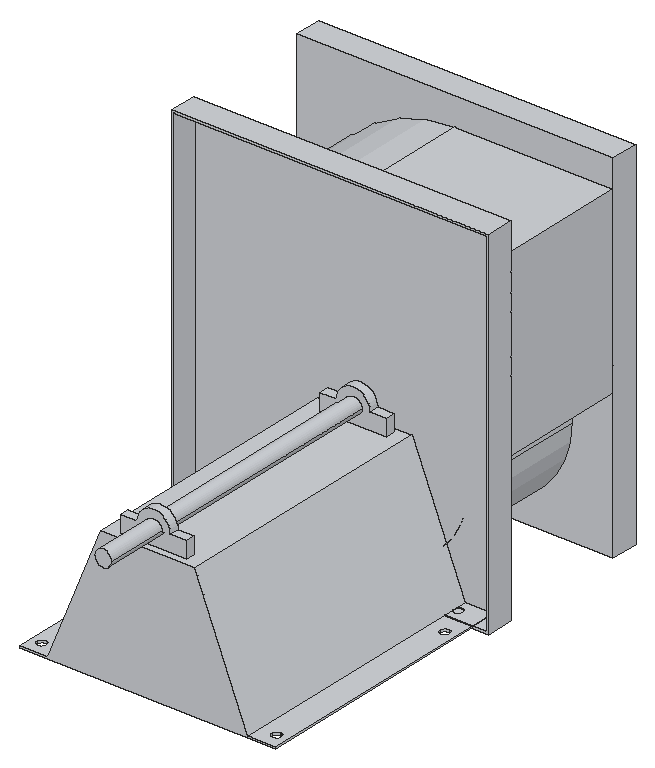
Revit family "CA-4_SWSI_ARR_1_CW_THD", category Mechanical Equipment, Revit 2019
Family settings
  Round Connector Dimension = Use Radius
  Part Type = Normal
  Work Plane-Based = No
  Always vertical = Yes
  Cut with Voids When Loaded = No
  Shared = No
  Room Calculation Point = No
Parameters (values of type "120_CA-4_SWSI_ARR_1_CW_THD_CLASS_1")
  S = 7 1/2"
  R = 11 7/16"
  P = 5 23/32"
  O/2 = O / 2  # 11/32"
  O = 11/16"
  ModelID [instance] = ""
  Accessories [instance] = ""
  ARR_1_U-D = ARR_1_U - D  # 21 5/8"
  ARR_1_K-D = ARR_1_K - D  # 17 5/8"
  ARR_1_J/2 = ARR_1_J / 2  # 19/32"
  ARR_1_J = 1 3/16"
  MOTOR_RAD = ARR_1_J * 3  # 3 9/16"
  M = 18 7/8"
  L = 3"
  K = 15 7/8"
  J = 2"
  INLET_RAD/2 = INLET_RAD / 2  # 4 1/16"
  INLET_RAD+1.5" = INLET_RAD + 1 1/2"  # 9 5/8"
  INLET_RAD = INLET_DIA / 2  # 8 1/8"
  INLET_DIA = 16 1/4"
  H = 10 3/8"
  G/5 = G / 5  # 4.55"
  G = 22 3/4"
  F = 25 3/4"
  Unit Weight [instance] = ""
  Sones [instance] = ""
  Motor RPM [instance] = ""
  Motor Enclosure [instance] = ""
  LwA [instance] = ""
  Fan RPM [instance] = ""
  E-(INLET_RAD+1.5") = E - (INLET_RAD + 1 1/2")  # 1 1/8"
  E+(INLET_RAD+1.5") = E + (INLET_RAD + 1 1/2")  # 20 3/8"
  E = 10 3/4"
  D-((D-B)/2) = D - ((D - B) / 2)  # 11 3/16"
  D = 13 3/16"
  B = 9 3/16"
  ARR_2_L-ARR_2_K = ARR_2_L - ARR_2_K  # 17 5/8"
  ARR_2_L = 21 5/8"
  ARR_2_K = 4"
  ARR_1_V = 4"
  ARR_1_U = 34 13/16"
  ARR_1_N = 15 1/8"
  ARR_1_M = 1"
  ARR_1_K = 30 13/16"
  ARR_1_H = 8 7/16"
  ARR_1_G = 9 3/16"
  A = 13 1/8"
  3" = 3"  # constant formula
  Brake Hp [instance] = ""
  4" = 4"  # constant formula
  2ARR_1_J+1" = ARR_1_J + ARR_1_J + 1"  # 3 3/8"
  2ARR_1_J = ARR_1_J + ARR_1_J  # 2 3/8"
  2' = 24"
  2" = 2"  # constant formula
  1" = 1"  # constant formula
  0 = 0"  # constant formula
  Voltage [instance] = 0 V
  URL = "www.lorencook.com"
  Type Comments = "Airfoil Centrifugal Blower Arrangement 1 Clockwise Top Horizontal Discharge"  # constant formula
  Static Pressure [instance] = 0.00 in-wg
  Power [instance] = Voltage * Motor FLA * sqrt(if(Phase = 3, 3, 1))  # 0 VA
  Phase [instance] = 0
  Number of Poles [instance] = 1
  Motor Hp [instance] = "0"
  Motor FLA [instance] = 0 A
  Model = "CA-4 SWSI ARR 1 CW THD CLASS 1"
  Manufacturer = "Loren Cook Company"
  CFM [instance] = 0 CFM
  1.5 = 1 1/2"  # constant formula
  ONE EIGTH = 1/8"  # constant formula
  -ARR_1_J = -ARR_1_J  # -1 3/16"
  -(ARR_2_L - ARR_2_K) = -(ARR_2_L - ARR_2_K)  # -17 5/8"
  -(((K-B)/2)-.125") = -(((K - B) / 2) - 1/8")  # -3 7/32"
  -(((D - B) / 2) - 1/8") = -(((D - B) / 2) - 1/8")  # -1 7/8"
  (R-B)/2 = (R - B) / 2  # 1 1/8"
  ((K-B)/2)+B = ((K - B) / 2) + B  # 12 17/32"
  (D-B)/2 = (D - B) / 2  # 2"
  -(((K-B)/2)+L) = -(((K - B) / 2) + L)  # -6 11/32"
  ((D-B)/2)-.125" = ((D - B) / 2) - 1/8"  # 1 7/8"
Types (55): name | S | R | P | O/2 | O | ARR_1_U-D | ARR_1_K-D | ARR_1_J/2 | ARR_1_J | MOTOR_RAD | M | L | K | J | INLET_RAD/2 | INLET_RAD+1.5" | INLET_RAD | INLET_DIA | H | G/5 | G | F | E-(INLET_RAD+1.5") | E+(INLET_RAD+1.5") | E | D-((D-B)/2) | D | B | ARR_2_L-ARR_2_K | ARR_2_L | ARR_2_K | ARR_1_V | ARR_1_U | ARR_1_N | ARR_1_M | ARR_1_K | ARR_1_H | ARR_1_G | A | 2ARR_1_J+1" | 2ARR_1_J | Model | -ARR_1_J | -(ARR_2_L - ARR_2_K) | -(((K-B)/2)-.125") | -(((D - B) / 2) - 1/8") | (R-B)/2 | ((K-B)/2)+B | (D-B)/2 | -(((K-B)/2)+L) | ((D-B)/2)-.125"
  (no name) | 7 1/2" | 11 7/16" | 5 23/32" | 11/32" | 11/16" | 21 5/8" | 17 5/8" | 19/32" | 1 3/16" | 3 9/16" | 18 7/8" | 3" | 15 7/8" | 2" | 4 1/16" | 9 5/8" | 8 1/8" | 16 1/4" | 10 3/8" | 4.55" | 22 3/4" | 25 3/4" | 1 1/8" | 20 3/8" | 10 3/4" | 11 3/16" | 13 3/16" | 9 3/16" | 17 5/8" | 21 5/8" | 4" | 4" | 34 13/16" | 15 1/8" | 1" | 30 13/16" | 8 7/16" | 9 3/16" | 13 1/8" | 3 3/8" | 2 3/8" | "CA-4 SWSI ARR 1 CW THD CLASS 1" | -1 3/16" | -17 5/8" | -3 7/32" | -1 7/8" | 1 1/8" | 12 17/32" | 2" | -6 11/32" | 1 7/8"
  120_CA-4_SWSI_ARR_1_CW_THD_CLASS_1 | 7 1/2" | 11 7/16" | 5 23/32" | 11/32" | 11/16" | 21 5/8" | 17 5/8" | 19/32" | 1 3/16" | 3 9/16" | 18 7/8" | 3" | 15 7/8" | 2" | 4 1/16" | 9 5/8" | 8 1/8" | 16 1/4" | 10 3/8" | 4.55" | 22 3/4" | 25 3/4" | 1 1/8" | 20 3/8" | 10 3/4" | 11 3/16" | 13 3/16" | 9 3/16" | 17 5/8" | 21 5/8" | 4" | 4" | 34 13/16" | 15 1/8" | 1" | 30 13/16" | 8 7/16" | 9 3/16" | 13 1/8" | 3 3/8" | 2 3/8" | "CA-4 SWSI ARR 1 CW THD CLASS 1" | -1 3/16" | -17 5/8" | -3 7/32" | -1 7/8" | 1 1/8" | 12 17/32" | 2" | -6 11/32" | 1 7/8"
  135_CA-4_SWSI_ARR_1_CW_THD_CLASS_1 | 8 1/2" | 12 9/16" | 6 9/32" | 11/32" | 11/16" | 21 5/8" | 17 5/8" | 19/32" | 1 3/16" | 3 9/16" | 20" | 3" | 17" | 2" | 4 7/16" | 10 3/8" | 8 7/8" | 17 3/4" | 11 5/8" | 5.1" | 25 1/2" | 28 3/4" | 1 5/8" | 22 3/8" | 12" | 12 5/16" | 14 5/16" | 10 5/16" | 17 5/8" | 21 5/8" | 4" | 4" | 35 15/16" | 15 1/8" | 1" | 31 15/16" | 9 3/16" | 9 15/16" | 14 3/4" | 3 3/8" | 2 3/8" | "CA-4 SWSI ARR 1 CW THD CLASS 1" | -1 3/16" | -17 5/8" | -3 7/32" | -1 7/8" | 1 1/8" | 13 21/32" | 2" | -6 11/32" | 1 7/8"
  150_CA-4_SWSI_ARR_1_CW_THD_CLASS_1 | 9" | 13 11/16" | 6 27/32" | 11/32" | 11/16" | 21 5/8" | 17 5/8" | 19/32" | 1 3/16" | 3 9/16" | 21 1/8" | 3" | 18 1/8" | 2" | 4 13/16" | 11 1/8" | 9 5/8" | 19 1/4" | 12 7/8" | 5 5/8" | 28 1/8" | 31 5/8" | 2 1/8" | 24 3/8" | 13 1/4" | 13 7/16" | 15 7/16" | 11 7/16" | 17 5/8" | 21 5/8" | 4" | 4" | 37 1/16" | 15 1/8" | 1" | 33 1/16" | 9 15/16" | 10 11/16" | 16 7/16" | 3 3/8" | 2 3/8" | "CA-4 SWSI ARR 1 CW THD CLASS 1" | -1 3/16" | -17 5/8" | -3 7/32" | -1 7/8" | 1 1/8" | 14 25/32" | 2" | -6 11/32" | 1 7/8"
  165_CA-4_SWSI_ARR_1_CW_THD_CLASS_1 | 10" | 14 7/8" | 7 7/16" | 11/32" | 11/16" | 21 5/8" | 17 5/8" | 19/32" | 1 3/16" | 3 9/16" | 23 15/16" | 4" | 19 5/16" | 2" | 5 5/16" | 12 1/8" | 10 5/8" | 21 1/4" | 14 1/4" | 6.175" | 30 7/8" | 34 3/8" | 2 1/4" | 26 1/2" | 14 3/8" | 14 5/8" | 16 5/8" | 12 5/8" | 17 5/8" | 21 5/8" | 4" | 4" | 38 1/4" | 15 1/8" | 1" | 34 1/4" | 10 15/16" | 11 11/16" | 18 1/16" | 3 3/8" | 2 3/8" | "CA-4 SWSI ARR 1 CW THD CLASS 1" | -1 3/16" | -17 5/8" | -3 7/32" | -1 7/8" | 1 1/8" | 15 31/32" | 2" | -7 11/32" | 1 7/8"
  180_CA-4_SWSI_ARR_1_CW_THD_CLASS_1 | 11" | 16" | 8" | 11/32" | 11/16" | 24 3/8" | 20 1/8" | 19/32" | 1 3/16" | 3 9/16" | 24 15/16" | 4 1/2" | 20 7/16" | 2" | 5 11/16" | 12 7/8" | 11 3/8" | 22 3/4" | 15 1/2" | 6.725" | 33 5/8" | 37 1/8" | 2 3/4" | 28 1/2" | 15 5/8" | 15 3/4" | 17 3/4" | 13 3/4" | 20 1/8" | 24 3/8" | 4 1/4" | 4 1/4" | 42 1/8" | 17 5/8" | 1" | 37 7/8" | 11 11/16" | 12 7/16" | 19 11/16" | 3 3/8" | 2 3/8" | "CA-4 SWSI ARR 1 CW THD CLASS 1" | -1 3/16" | -20 1/8" | -3 7/32" | -1 7/8" | 1 1/8" | 17 3/32" | 2" | -7 27/32" | 1 7/8"
  195_CA-4_SWSI_ARR_1_CW_THD_CLASS_1 | 11 1/2" | 17 3/16" | 8 19/32" | 11/32" | 11/16" | 24 3/8" | 20 1/8" | 19/32" | 1 3/16" | 3 9/16" | 27 3/16" | 4 1/2" | 22 11/16" | 2" | 6 1/16" | 13 5/8" | 12 1/8" | 24 1/4" | 16 3/4" | 7 1/4" | 36 1/4" | 40" | 3 1/8" | 30 3/8" | 16 3/4" | 16 15/16" | 18 15/16" | 14 15/16" | 20 1/8" | 24 3/8" | 4 1/4" | 4 1/4" | 43 5/16" | 17 5/8" | 1" | 39 1/16" | 12 7/16" | 13 3/16" | 21 5/16" | 3 3/8" | 2 3/8" | "CA-4 SWSI ARR 1 CW THD CLASS 1" | -1 3/16" | -20 1/8" | -3 3/4" | -1 7/8" | 1 1/8" | 18 13/16" | 2" | -8 3/8" | 1 7/8"
  210_CA-4_SWSI_ARR_1_CW_THD_CLASS_1 | 12" | 18 5/16" | 9 5/32" | 13/32" | 13/16" | 26 3/8" | 22 1/8" | 23/32" | 1 7/16" | 4 5/16" | 28 13/16" | 5" | 23 13/16" | 2" | 6 1/2" | 14 1/2" | 13" | 26" | 18 1/8" | 7.825" | 39 1/8" | 42 7/8" | 3 1/2" | 32 1/2" | 18" | 18 1/16" | 20 1/16" | 16 1/16" | 23 1/8" | 27 3/8" | 4 1/4" | 4 1/4" | 46 7/16" | 19 9/16" | 1" | 42 3/16" | 13 5/16" | 14 1/16" | 23" | 3 7/8" | 2 7/8" | "CA-4 SWSI ARR 1 CW THD CLASS 1" | -1 7/16" | -23 1/8" | -3 3/4" | -1 7/8" | 1 1/8" | 19 15/16" | 2" | -8 7/8" | 1 7/8"
  225_CA-4_SWSI_ARR_1_CW_THD_CLASS_1 | 12 1/2" | 19 7/16" | 9 23/32" | 13/32" | 13/16" | 26 3/8" | 22 1/8" | 23/32" | 1 7/16" | 4 5/16" | 29 15/16" | 5" | 24 15/16" | 2" | 6 7/8" | 15 1/4" | 13 3/4" | 27 1/2" | 19 3/8" | 8.35" | 41 3/4" | 45 3/4" | 4" | 34 1/2" | 19 1/4" | 19 3/16" | 21 3/16" | 17 3/16" | 23 1/8" | 27 3/8" | 4 1/4" | 4 1/4" | 47 9/16" | 19 9/16" | 1" | 43 5/16" | 14 1/16" | 14 13/16" | 24 5/8" | 3 7/8" | 2 7/8" | "CA-4 SWSI ARR 1 CW THD CLASS 1" | -1 7/16" | -23 1/8" | -3 3/4" | -1 7/8" | 1 1/8" | 21 1/16" | 2" | -8 7/8" | 1 7/8"
  245_CA-4_SWSI_ARR_1_CW_THD_CLASS_1 | 13 1/2" | 21" | 10 1/2" | 13/32" | 13/16" | 27 13/16" | 22 5/8" | 27/32" | 1 11/16" | 5 1/16" | 32" | 5 1/2" | 26 1/2" | 2" | 7 3/8" | 16 1/4" | 14 3/4" | 29 1/2" | 21 1/8" | 9.075" | 45 3/8" | 49 1/2" | 4 5/8" | 37 1/8" | 20 7/8" | 20 3/4" | 22 3/4" | 18 3/4" | 22 9/16" | 27 13/16" | 5 1/4" | 5 1/4" | 50 9/16" | 20 1/8" | 1" | 45 3/8" | 15 1/16" | 15 13/16" | 26 13/16" | 4 3/8" | 3 3/8" | "CA-4 SWSI ARR 1 CW THD CLASS 1" | -1 11/16" | -22 9/16" | -3 3/4" | -1 7/8" | 1 1/8" | 22 5/8" | 2" | -9 3/8" | 1 7/8"
  270_CA-4_SWSI_ARR_1_CW_THD_CLASS_1 | 15" | 22 7/8" | 11 7/16" | 13/32" | 13/16" | 27 13/16" | 22 5/8" | 27/32" | 1 11/16" | 5 1/16" | 34 3/8" | 6" | 28 3/8" | 2" | 8" | 17 1/2" | 16" | 32" | 23 1/4" | 9.975" | 49 7/8" | 54 3/4" | 5 7/8" | 40 7/8" | 23 3/8" | 22 5/8" | 24 5/8" | 20 5/8" | 22 9/16" | 27 13/16" | 5 1/4" | 5 1/4" | 52 7/16" | 20 1/8" | 1" | 47 1/4" | 16 7/16" | 17 3/16" | 29 9/16" | 4 3/8" | 3 3/8" | "CA-4 SWSI ARR 1 CW THD CLASS 1" | -1 11/16" | -22 9/16" | -3 3/4" | -1 7/8" | 1 1/8" | 24 1/2" | 2" | -9 7/8" | 1 7/8"
  300_CA-4_SWSI_ARR_1_CW_THD_CLASS_1 | 16 1/2" | 25 3/16" | 12 19/32" | 13/32" | 13/16" | 30 3/4" | 24 7/8" | 31/32" | 1 15/16" | 5 13/16" | 37 3/16" | 6 1/2" | 30 11/16" | 2" | 8 3/4" | 19" | 17 1/2" | 35" | 25 7/8" | 11.075" | 55 3/8" | 60" | 6 3/8" | 44 3/8" | 25 3/8" | 24 15/16" | 26 15/16" | 22 15/16" | 24 7/8" | 30 3/4" | 5 7/8" | 5 7/8" | 57 11/16" | 22 3/8" | 1" | 51 13/16" | 17 15/16" | 18 11/16" | 32 13/16" | 4 7/8" | 3 7/8" | "CA-4 SWSI ARR 1 CW THD CLASS 1" | -1 15/16" | -24 7/8" | -3 3/4" | -1 7/8" | 1 1/8" | 26 13/16" | 2" | -10 3/8" | 1 7/8"
  330_CA-4_SWSI_ARR_1_CW_THD_CLASS_1 | 18" | 27 1/2" | 13 3/4" | 13/32" | 13/16" | 30 3/4" | 24 7/8" | 31/32" | 1 15/16" | 5 13/16" | 40" | 7" | 33" | 2" | 9 1/2" | 20 1/2" | 19" | 38" | 28 3/8" | 12.15" | 60 3/4" | 65 3/4" | 7 3/8" | 48 3/8" | 27 7/8" | 27 1/4" | 29 1/4" | 25 1/4" | 24 7/8" | 30 3/4" | 5 7/8" | 5 7/8" | 60" | 22 3/8" | 1" | 54 1/8" | 19 7/16" | 20 3/16" | 36 1/8" | 4 7/8" | 3 7/8" | "CA-4 SWSI ARR 1 CW THD CLASS 1" | -1 15/16" | -24 7/8" | -3 3/4" | -1 7/8" | 1 1/8" | 29 1/8" | 2" | -10 7/8" | 1 7/8"
  365_CA-4_SWSI_ARR_1_CW_THD_CLASS_1 | 20" | 30 1/8" | 15 1/16" | 13/32" | 13/16" | 33" | 27 1/8" | 1 3/32" | 2 3/16" | 6 9/16" | 43 1/8" | 7 1/2" | 35 5/8" | 2" | 10 3/8" | 22 1/4" | 20 3/4" | 41 1/2" | 31 3/8" | 13.4" | 67" | 72 3/8" | 8 3/8" | 52 7/8" | 30 5/8" | 29 7/8" | 31 7/8" | 27 7/8" | 27 1/8" | 33" | 5 7/8" | 5 7/8" | 64 7/8" | 24 5/8" | 1" | 59" | 21 11/16" | 22 7/16" | 39 15/16" | 5 3/8" | 4 3/8" | "CA-4 SWSI ARR 1 CW THD CLASS 1" | -2 3/16" | -27 1/8" | -3 3/4" | -1 7/8" | 1 1/8" | 31 3/4" | 2" | -11 3/8" | 1 7/8"
  402_CA-4_SWSI_ARR_1_CW_THD_CLASS_1 | 22" | 34 1/4" | 17 1/8" | 17/32" | 1 1/16" | 31 5/16" | 26 3/16" | 1 3/32" | 2 3/16" | 6 9/16" | 46 5/8" | 8" | 38 5/8" | 3" | 11 5/16" | 24 1/8" | 22 5/8" | 45 1/4" | 34 5/8" | 14.775" | 73 7/8" | 80 3/8" | 9 1/2" | 57 3/4" | 33 5/8" | 33 3/4" | 36 3/4" | 30 3/4" | 25 7/16" | 31 5/16" | 5 7/8" | 5 7/8" | 68 1/16" | 23 13/16" | 1 1/4" | 62 15/16" | 22 3/8" | 24 3/8" | 44 1/16" | 5 3/8" | 4 3/8" | "CA-4 SWSI ARR 1 CW THD CLASS 1" | -2 3/16" | -25 7/16" | -3 13/16" | -2 7/8" | 1 3/4" | 34 11/16" | 3" | -11 15/16" | 2 7/8"
  445_CA-4_SWSI_ARR_1_CW_THD_CLASS_1 | 24" | 37 1/2" | 18 3/4" | 17/32" | 1 1/16" | 33 1/16" | 26 15/16" | 1 7/32" | 2 7/16" | 7 5/16" | 50 3/8" | 8 1/2" | 41 7/8" | 3" | 12 3/8" | 26 1/4" | 24 3/4" | 49 1/2" | 38 1/4" | 16.3" | 81 1/2" | 88 1/2" | 10 7/8" | 63 3/8" | 37 1/8" | 37" | 40" | 34" | 26 11/16" | 33 1/16" | 6 3/8" | 6 3/8" | 73 1/16" | 24 9/16" | 1 1/4" | 66 15/16" | 25 1/2" | 26 1/2" | 48 11/16" | 5 7/8" | 4 7/8" | "CA-4 SWSI ARR 1 CW THD CLASS 1" | -2 7/16" | -26 11/16" | -3 13/16" | -2 7/8" | 1 3/4" | 37 15/16" | 3" | -12 7/16" | 2 7/8"
  490_CA-4_SWSI_ARR_1_CW_THD_CLASS_1 | 26 1/2" | 40 15/16" | 20 15/32" | 17/32" | 1 1/16" | 33 1/16" | 26 15/16" | 1 7/32" | 2 7/16" | 7 5/16" | 55 5/16" | 9" | 46 5/16" | 3" | 13 3/4" | 29" | 27 1/2" | 55" | 42 1/4" | 17.95" | 89 3/4" | 97" | 11 3/4" | 69 3/4" | 40 3/4" | 40 7/16" | 43 7/16" | 37 7/16" | 26 11/16" | 33 1/16" | 6 3/8" | 6 3/8" | 76 1/2" | 24 9/16" | 1 1/4" | 70 3/8" | 28 1/4" | 29 1/4" | 53 5/8" | 5 7/8" | 4 7/8" | "CA-4 SWSI ARR 1 CW THD CLASS 1" | -2 7/16" | -26 11/16" | -4 5/16" | -2 7/8" | 1 3/4" | 41 7/8" | 3" | -13 7/16" | 2 7/8"
  540_CA-4_SWSI_ARR_1_CW_THD_CLASS_1 | 29" | 44 3/4" | 22 3/8" | 17/32" | 1 1/16" | 34 3/8" | 27" | 1 15/32" | 2 15/16" | 8 13/16" | 61 5/8" | 9 1/2" | 52 1/8" | 3" | 15" | 31 1/2" | 30" | 60" | 46 1/2" | 19 3/4" | 98 3/4" | 106 5/8" | 13 3/8" | 76 3/8" | 44 7/8" | 44 1/4" | 47 1/4" | 41 1/4" | 26 7/8" | 34 3/8" | 7 1/2" | 7 1/2" | 81 5/8" | 24 9/16" | 1 1/4" | 74 1/4" | 30 3/4" | 31 3/4" | 59 1/16" | 6 7/8" | 5 7/8" | "CA-4 SWSI ARR 1 CW THD CLASS 1" | -2 15/16" | -26 7/8" | -5 5/16" | -2 7/8" | 1 3/4" | 46 11/16" | 3" | -14 15/16" | 2 7/8"
  600_CA-4_SWSI_ARR_1_CW_THD_CLASS_1 | 32" | 49 5/16" | 24 21/32" | 17/32" | 1 1/16" | 34 3/8" | 27" | 1 15/32" | 2 15/16" | 8 13/16" | 66 11/16" | 10" | 56 11/16" | 3" | 16 1/2" | 34 1/2" | 33" | 66" | 51 5/8" | 21.925" | 109 5/8" | 118" | 15 1/4" | 84 1/4" | 49 3/4" | 48 13/16" | 51 13/16" | 45 13/16" | 26 7/8" | 34 3/8" | 7 1/2" | 7 1/2" | 86 3/16" | 24 9/16" | 1 1/4" | 78 13/16" | 33 3/4" | 34 3/4" | 65 5/8" | 6 7/8" | 5 7/8" | "CA-4 SWSI ARR 1 CW THD CLASS 1" | -2 15/16" | -26 7/8" | -5 5/16" | -2 7/8" | 1 3/4" | 51 1/4" | 3" | -15 7/16" | 2 7/8"
  120_CA-4_SWSI_ARR_1_CW_THD_CLASS_2 | 7 1/2" | 11 7/16" | 5 23/32" | 11/32" | 11/16" | 21 5/8" | 17 5/8" | 23/32" | 1 7/16" | 4 5/16" | 18 7/8" | 3" | 15 7/8" | 2" | 4 1/16" | 9 5/8" | 8 1/8" | 16 1/4" | 10 3/8" | 4.55" | 22 3/4" | 25 3/4" | 1 1/8" | 20 3/8" | 10 3/4" | 11 3/16" | 13 3/16" | 9 3/16" | 17 5/8" | 21 5/8" | 4" | 4" | 34 13/16" | 15 1/8" | 1" | 30 13/16" | 8 7/16" | 9 3/16" | 13 1/8" | 3 7/8" | 2 7/8" | "CA-4 SWSI ARR 1 CW THD CLASS 2" | -1 7/16" | -17 5/8" | -3 7/32" | -1 7/8" | 1 1/8" | 12 17/32" | 2" | -6 11/32" | 1 7/8"
  120_CA-4_SWSI_ARR_1_CW_THD_CLASS_3 | 7 1/2" | 11 7/16" | 5 23/32" | 11/32" | 11/16" | 21 5/8" | 17 5/8" | 23/32" | 1 7/16" | 4 5/16" | 18 7/8" | 3" | 15 7/8" | 2" | 4 1/16" | 9 5/8" | 8 1/8" | 16 1/4" | 10 3/8" | 4.55" | 22 3/4" | 25 3/4" | 1 1/8" | 20 3/8" | 10 3/4" | 11 3/16" | 13 3/16" | 9 3/16" | 17 5/8" | 21 5/8" | 4" | 4" | 34 13/16" | 15 1/8" | 1" | 30 13/16" | 8 7/16" | 9 3/16" | 13 1/8" | 3 7/8" | 2 7/8" | "CA-4 SWSI ARR 1 CW THD CLASS 3" | -1 7/16" | -17 5/8" | -3 7/32" | -1 7/8" | 1 1/8" | 12 17/32" | 2" | -6 11/32" | 1 7/8"
  135_CA-4_SWSI_ARR_1_CW_THD_CLASS_2 | 8 1/2" | 12 9/16" | 6 9/32" | 11/32" | 11/16" | 21 5/8" | 17 5/8" | 23/32" | 1 7/16" | 4 5/16" | 20" | 3" | 17" | 2" | 4 7/16" | 10 3/8" | 8 7/8" | 17 3/4" | 11 5/8" | 5.1" | 25 1/2" | 28 3/4" | 1 5/8" | 22 3/8" | 12" | 12 5/16" | 14 5/16" | 10 5/16" | 17 5/8" | 21 5/8" | 4" | 4" | 35 15/16" | 15 1/8" | 1" | 31 15/16" | 9 3/16" | 9 15/16" | 14 3/4" | 3 7/8" | 2 7/8" | "CA-4 SWSI ARR 1 CW THD CLASS 2" | -1 7/16" | -17 5/8" | -3 7/32" | -1 7/8" | 1 1/8" | 13 21/32" | 2" | -6 11/32" | 1 7/8"
  135_CA-4_SWSI_ARR_1_CW_THD_CLASS_3 | 8 1/2" | 12 9/16" | 6 9/32" | 11/32" | 11/16" | 21 5/8" | 17 5/8" | 23/32" | 1 7/16" | 4 5/16" | 20" | 3" | 17" | 2" | 4 7/16" | 10 3/8" | 8 7/8" | 17 3/4" | 11 5/8" | 5.1" | 25 1/2" | 28 3/4" | 1 5/8" | 22 3/8" | 12" | 12 5/16" | 14 5/16" | 10 5/16" | 17 5/8" | 21 5/8" | 4" | 4" | 35 15/16" | 15 1/8" | 1" | 31 15/16" | 9 3/16" | 9 15/16" | 14 3/4" | 3 7/8" | 2 7/8" | "CA-4 SWSI ARR 1 CW THD CLASS 3" | -1 7/16" | -17 5/8" | -3 7/32" | -1 7/8" | 1 1/8" | 13 21/32" | 2" | -6 11/32" | 1 7/8"
  150_CA-4_SWSI_ARR_1_CW_THD_CLASS_2 | 9" | 13 11/16" | 6 27/32" | 11/32" | 11/16" | 21 5/8" | 17 5/8" | 23/32" | 1 7/16" | 4 5/16" | 21 1/8" | 3" | 18 1/8" | 2" | 4 13/16" | 11 1/8" | 9 5/8" | 19 1/4" | 12 7/8" | 5 5/8" | 28 1/8" | 31 5/8" | 2 1/8" | 24 3/8" | 13 1/4" | 13 7/16" | 15 7/16" | 11 7/16" | 17 5/8" | 21 5/8" | 4" | 4" | 37 1/16" | 15 1/8" | 1" | 33 1/16" | 9 15/16" | 10 11/16" | 16 7/16" | 3 7/8" | 2 7/8" | "CA-4 SWSI ARR 1 CW THD CLASS 2" | -1 7/16" | -17 5/8" | -3 7/32" | -1 7/8" | 1 1/8" | 14 25/32" | 2" | -6 11/32" | 1 7/8"
  150_CA-4_SWSI_ARR_1_CW_THD_CLASS_3 | 9" | 13 11/16" | 6 27/32" | 11/32" | 11/16" | 21 5/8" | 17 5/8" | 23/32" | 1 7/16" | 4 5/16" | 21 1/8" | 3" | 18 1/8" | 2" | 4 13/16" | 11 1/8" | 9 5/8" | 19 1/4" | 12 7/8" | 5 5/8" | 28 1/8" | 31 5/8" | 2 1/8" | 24 3/8" | 13 1/4" | 13 7/16" | 15 7/16" | 11 7/16" | 17 5/8" | 21 5/8" | 4" | 4" | 37 1/16" | 15 1/8" | 1" | 33 1/16" | 9 15/16" | 10 11/16" | 16 7/16" | 3 7/8" | 2 7/8" | "CA-4 SWSI ARR 1 CW THD CLASS 3" | -1 7/16" | -17 5/8" | -3 7/32" | -1 7/8" | 1 1/8" | 14 25/32" | 2" | -6 11/32" | 1 7/8"
  165_CA-4_SWSI_ARR_1_CW_THD_CLASS_2 | 10" | 14 7/8" | 7 7/16" | 11/32" | 11/16" | 21 5/8" | 17 5/8" | 23/32" | 1 7/16" | 4 5/16" | 23 15/16" | 4" | 19 5/16" | 2" | 5 5/16" | 12 1/8" | 10 5/8" | 21 1/4" | 14 1/4" | 6.175" | 30 7/8" | 34 3/8" | 2 1/4" | 26 1/2" | 14 3/8" | 14 5/8" | 16 5/8" | 12 5/8" | 17 5/8" | 21 5/8" | 4" | 4" | 38 1/4" | 15 1/8" | 1" | 34 1/4" | 10 15/16" | 11 11/16" | 18 1/16" | 3 7/8" | 2 7/8" | "CA-4 SWSI ARR 1 CW THD CLASS 2" | -1 7/16" | -17 5/8" | -3 7/32" | -1 7/8" | 1 1/8" | 15 31/32" | 2" | -7 11/32" | 1 7/8"
  165_CA-4_SWSI_ARR_1_CW_THD_CLASS_3 | 10" | 14 7/8" | 7 7/16" | 11/32" | 11/16" | 21 5/8" | 17 5/8" | 23/32" | 1 7/16" | 4 5/16" | 23 15/16" | 4" | 19 5/16" | 2" | 5 5/16" | 12 1/8" | 10 5/8" | 21 1/4" | 14 1/4" | 6.175" | 30 7/8" | 34 3/8" | 2 1/4" | 26 1/2" | 14 3/8" | 14 5/8" | 16 5/8" | 12 5/8" | 17 5/8" | 21 5/8" | 4" | 4" | 38 1/4" | 15 1/8" | 1" | 34 1/4" | 10 15/16" | 11 11/16" | 18 1/16" | 3 7/8" | 2 7/8" | "CA-4 SWSI ARR 1 CW THD CLASS 3" | -1 7/16" | -17 5/8" | -3 7/32" | -1 7/8" | 1 1/8" | 15 31/32" | 2" | -7 11/32" | 1 7/8"
  180_CA-4_SWSI_ARR_1_CW_THD_CLASS_2 | 11" | 16" | 8" | 11/32" | 11/16" | 24 3/8" | 20 1/8" | 23/32" | 1 7/16" | 4 5/16" | 24 15/16" | 4 1/2" | 20 7/16" | 2" | 5 11/16" | 12 7/8" | 11 3/8" | 22 3/4" | 15 1/2" | 6.725" | 33 5/8" | 37 1/8" | 2 3/4" | 28 1/2" | 15 5/8" | 15 3/4" | 17 3/4" | 13 3/4" | 20 1/8" | 24 3/8" | 4 1/4" | 4 1/4" | 42 1/8" | 17 5/8" | 1" | 37 7/8" | 11 11/16" | 12 7/16" | 19 11/16" | 3 7/8" | 2 7/8" | "CA-4 SWSI ARR 1 CW THD CLASS 2" | -1 7/16" | -20 1/8" | -3 7/32" | -1 7/8" | 1 1/8" | 17 3/32" | 2" | -7 27/32" | 1 7/8"
  180_CA-4_SWSI_ARR_1_CW_THD_CLASS_3 | 11" | 16" | 8" | 11/32" | 11/16" | 24 3/8" | 20 1/8" | 27/32" | 1 11/16" | 5 1/16" | 24 15/16" | 4 1/2" | 20 7/16" | 2" | 5 11/16" | 12 7/8" | 11 3/8" | 22 3/4" | 15 1/2" | 6.725" | 33 5/8" | 37 1/8" | 2 3/4" | 28 1/2" | 15 5/8" | 15 3/4" | 17 3/4" | 13 3/4" | 20 1/8" | 24 3/8" | 4 1/4" | 4 1/4" | 42 1/8" | 17 5/8" | 1" | 37 7/8" | 11 11/16" | 12 7/16" | 19 11/16" | 4 3/8" | 3 3/8" | "CA-4 SWSI ARR 1 CW THD CLASS 3" | -1 11/16" | -20 1/8" | -3 7/32" | -1 7/8" | 1 1/8" | 17 3/32" | 2" | -7 27/32" | 1 7/8"
  195_CA-4_SWSI_ARR_1_CW_THD_CLASS_2 | 11 1/2" | 17 3/16" | 8 19/32" | 11/32" | 11/16" | 24 3/8" | 20 1/8" | 23/32" | 1 7/16" | 4 5/16" | 27 3/16" | 4 1/2" | 22 11/16" | 2" | 6 1/16" | 13 5/8" | 12 1/8" | 24 1/4" | 16 3/4" | 7 1/4" | 36 1/4" | 40" | 3 1/8" | 30 3/8" | 16 3/4" | 16 15/16" | 18 15/16" | 14 15/16" | 20 1/8" | 24 3/8" | 4 1/4" | 4 1/4" | 43 5/16" | 17 5/8" | 1" | 39 1/16" | 12 7/16" | 13 3/16" | 21 5/16" | 3 7/8" | 2 7/8" | "CA-4 SWSI ARR 1 CW THD CLASS 2" | -1 7/16" | -20 1/8" | -3 3/4" | -1 7/8" | 1 1/8" | 18 13/16" | 2" | -8 3/8" | 1 7/8"
  195_CA-4_SWSI_ARR_1_CW_THD_CLASS_3 | 11 1/2" | 17 3/16" | 8 19/32" | 11/32" | 11/16" | 24 3/8" | 20 1/8" | 27/32" | 1 11/16" | 5 1/16" | 27 3/16" | 4 1/2" | 22 11/16" | 2" | 6 1/16" | 13 5/8" | 12 1/8" | 24 1/4" | 16 3/4" | 7 1/4" | 36 1/4" | 40" | 3 1/8" | 30 3/8" | 16 3/4" | 16 15/16" | 18 15/16" | 14 15/16" | 20 1/8" | 24 3/8" | 4 1/4" | 4 1/4" | 43 5/16" | 17 5/8" | 1" | 39 1/16" | 12 7/16" | 13 3/16" | 21 5/16" | 4 3/8" | 3 3/8" | "CA-4 SWSI ARR 1 CW THD CLASS 3" | -1 11/16" | -20 1/8" | -3 3/4" | -1 7/8" | 1 1/8" | 18 13/16" | 2" | -8 3/8" | 1 7/8"
  210_CA-4_SWSI_ARR_1_CW_THD_CLASS_3 | 12" | 18 5/16" | 9 5/32" | 13/32" | 13/16" | 26 3/8" | 22 1/8" | 31/32" | 1 15/16" | 5 13/16" | 28 13/16" | 5" | 23 13/16" | 2" | 6 1/2" | 14 1/2" | 13" | 26" | 18 1/8" | 7.825" | 39 1/8" | 42 7/8" | 3 1/2" | 32 1/2" | 18" | 18 1/16" | 20 1/16" | 16 1/16" | 23 1/8" | 27 3/8" | 4 1/4" | 4 1/4" | 46 7/16" | 19 9/16" | 1" | 42 3/16" | 13 5/16" | 14 1/16" | 23" | 4 7/8" | 3 7/8" | "CA-4 SWSI ARR 1 CW THD CLASS 3" | -1 15/16" | -23 1/8" | -3 3/4" | -1 7/8" | 1 1/8" | 19 15/16" | 2" | -8 7/8" | 1 7/8"
  210_CA-4_SWSI_ARR_1_CW_THD_CLASS_2 | 12" | 18 5/16" | 9 5/32" | 13/32" | 13/16" | 26 3/8" | 22 1/8" | 27/32" | 1 11/16" | 5 1/16" | 28 13/16" | 5" | 23 13/16" | 2" | 6 1/2" | 14 1/2" | 13" | 26" | 18 1/8" | 7.825" | 39 1/8" | 42 7/8" | 3 1/2" | 32 1/2" | 18" | 18 1/16" | 20 1/16" | 16 1/16" | 23 1/8" | 27 3/8" | 4 1/4" | 4 1/4" | 46 7/16" | 19 9/16" | 1" | 42 3/16" | 13 5/16" | 14 1/16" | 23" | 4 3/8" | 3 3/8" | "CA-4 SWSI ARR 1 CW THD CLASS 2" | -1 11/16" | -23 1/8" | -3 3/4" | -1 7/8" | 1 1/8" | 19 15/16" | 2" | -8 7/8" | 1 7/8"
  225_CA-4_SWSI_ARR_1_CW_THD_CLASS_2 | 12 1/2" | 19 7/16" | 9 23/32" | 13/32" | 13/16" | 26 3/8" | 22 1/8" | 27/32" | 1 11/16" | 5 1/16" | 29 15/16" | 5" | 24 15/16" | 2" | 6 7/8" | 15 1/4" | 13 3/4" | 27 1/2" | 19 3/8" | 8.35" | 41 3/4" | 45 3/4" | 4" | 34 1/2" | 19 1/4" | 19 3/16" | 21 3/16" | 17 3/16" | 23 1/8" | 27 3/8" | 4 1/4" | 4 1/4" | 47 9/16" | 19 9/16" | 1" | 43 5/16" | 14 1/16" | 14 13/16" | 24 5/8" | 4 3/8" | 3 3/8" | "CA-4 SWSI ARR 1 CW THD CLASS 2" | -1 11/16" | -23 1/8" | -3 3/4" | -1 7/8" | 1 1/8" | 21 1/16" | 2" | -8 7/8" | 1 7/8"
  225_CA-4_SWSI_ARR_1_CW_THD_CLASS_3 | 12 1/2" | 19 7/16" | 9 23/32" | 13/32" | 13/16" | 26 3/8" | 22 1/8" | 31/32" | 1 15/16" | 5 13/16" | 29 15/16" | 5" | 24 15/16" | 2" | 6 7/8" | 15 1/4" | 13 3/4" | 27 1/2" | 19 3/8" | 8.35" | 41 3/4" | 45 3/4" | 4" | 34 1/2" | 19 1/4" | 19 3/16" | 21 3/16" | 17 3/16" | 23 1/8" | 27 3/8" | 4 1/4" | 4 1/4" | 47 9/16" | 19 9/16" | 1" | 43 5/16" | 14 1/16" | 14 13/16" | 24 5/8" | 4 7/8" | 3 7/8" | "CA-4 SWSI ARR 1 CW THD CLASS 3" | -1 15/16" | -23 1/8" | -3 3/4" | -1 7/8" | 1 1/8" | 21 1/16" | 2" | -8 7/8" | 1 7/8"
  245_CA-4_SWSI_ARR_1_CW_THD_CLASS_2 | 13 1/2" | 21" | 10 1/2" | 13/32" | 13/16" | 27 13/16" | 22 5/8" | 31/32" | 1 15/16" | 5 13/16" | 32" | 5 1/2" | 26 1/2" | 2" | 7 3/8" | 16 1/4" | 14 3/4" | 29 1/2" | 21 1/8" | 9.075" | 45 3/8" | 49 1/2" | 4 5/8" | 37 1/8" | 20 7/8" | 20 3/4" | 22 3/4" | 18 3/4" | 22 9/16" | 27 13/16" | 5 1/4" | 5 1/4" | 50 9/16" | 20 1/8" | 1" | 45 3/8" | 15 1/16" | 15 13/16" | 26 13/16" | 4 7/8" | 3 7/8" | "CA-4 SWSI ARR 1 CW THD CLASS 2" | -1 15/16" | -22 9/16" | -3 3/4" | -1 7/8" | 1 1/8" | 22 5/8" | 2" | -9 3/8" | 1 7/8"
  245_CA-4_SWSI_ARR_1_CW_THD_CLASS_3 | 13 1/2" | 21" | 10 1/2" | 13/32" | 13/16" | 27 13/16" | 22 5/8" | 1 7/32" | 2 7/16" | 7 5/16" | 32" | 5 1/2" | 26 1/2" | 2" | 7 3/8" | 16 1/4" | 14 3/4" | 29 1/2" | 21 1/8" | 9.075" | 45 3/8" | 49 1/2" | 4 5/8" | 37 1/8" | 20 7/8" | 20 3/4" | 22 3/4" | 18 3/4" | 22 9/16" | 27 13/16" | 5 1/4" | 5 1/4" | 50 9/16" | 20 1/8" | 1" | 45 3/8" | 15 1/16" | 15 13/16" | 26 13/16" | 5 7/8" | 4 7/8" | "CA-4 SWSI ARR 1 CW THD CLASS 3" | -2 7/16" | -22 9/16" | -3 3/4" | -1 7/8" | 1 1/8" | 22 5/8" | 2" | -9 3/8" | 1 7/8"
  270_CA-4_SWSI_ARR_1_CW_THD_CLASS_2 | 15" | 22 7/8" | 11 7/16" | 13/32" | 13/16" | 27 13/16" | 22 5/8" | 31/32" | 1 15/16" | 5 13/16" | 34 3/8" | 6" | 28 3/8" | 2" | 8" | 17 1/2" | 16" | 32" | 23 1/4" | 9.975" | 49 7/8" | 54 3/4" | 5 7/8" | 40 7/8" | 23 3/8" | 22 5/8" | 24 5/8" | 20 5/8" | 22 9/16" | 27 13/16" | 5 1/4" | 5 1/4" | 52 7/16" | 20 1/8" | 1" | 47 1/4" | 16 7/16" | 17 3/16" | 29 9/16" | 4 7/8" | 3 7/8" | "CA-4 SWSI ARR 1 CW THD CLASS 2" | -1 15/16" | -22 9/16" | -3 3/4" | -1 7/8" | 1 1/8" | 24 1/2" | 2" | -9 7/8" | 1 7/8"
  270_CA-4_SWSI_ARR_1_CW_THD_CLASS_3 | 15" | 22 7/8" | 11 7/16" | 13/32" | 13/16" | 27 13/16" | 22 5/8" | 1 3/32" | 2 3/16" | 6 9/16" | 34 3/8" | 6" | 28 3/8" | 2" | 8" | 17 1/2" | 16" | 32" | 23 1/4" | 9.975" | 49 7/8" | 54 3/4" | 5 7/8" | 40 7/8" | 23 3/8" | 22 5/8" | 24 5/8" | 20 5/8" | 22 9/16" | 27 13/16" | 5 1/4" | 5 1/4" | 52 7/16" | 20 1/8" | 1" | 47 1/4" | 16 7/16" | 17 3/16" | 29 9/16" | 5 3/8" | 4 3/8" | "CA-4 SWSI ARR 1 CW THD CLASS 3" | -2 3/16" | -22 9/16" | -3 3/4" | -1 7/8" | 1 1/8" | 24 1/2" | 2" | -9 7/8" | 1 7/8"
  300_CA-4_SWSI_ARR_1_CW_THD_CLASS_2 | 16 1/2" | 25 3/16" | 12 19/32" | 13/32" | 13/16" | 30 3/4" | 24 7/8" | 1 3/32" | 2 3/16" | 6 9/16" | 37 3/16" | 6 1/2" | 30 11/16" | 2" | 8 3/4" | 19" | 17 1/2" | 35" | 25 7/8" | 11.075" | 55 3/8" | 60" | 6 3/8" | 44 3/8" | 25 3/8" | 24 15/16" | 26 15/16" | 22 15/16" | 24 7/8" | 30 3/4" | 5 7/8" | 5 7/8" | 57 11/16" | 22 3/8" | 1" | 51 13/16" | 17 15/16" | 18 11/16" | 32 13/16" | 5 3/8" | 4 3/8" | "CA-4 SWSI ARR 1 CW THD CLASS 2" | -2 3/16" | -24 7/8" | -3 3/4" | -1 7/8" | 1 1/8" | 26 13/16" | 2" | -10 3/8" | 1 7/8"
  300_CA-4_SWSI_ARR_1_CW_THD_CLASS_3 | 16 1/2" | 25 3/16" | 12 19/32" | 13/32" | 13/16" | 30 3/4" | 24 7/8" | 1 7/32" | 2 7/16" | 7 5/16" | 37 3/16" | 6 1/2" | 30 11/16" | 2" | 8 3/4" | 19" | 17 1/2" | 35" | 25 7/8" | 11.075" | 55 3/8" | 60" | 6 3/8" | 44 3/8" | 25 3/8" | 24 15/16" | 26 15/16" | 22 15/16" | 24 7/8" | 30 3/4" | 5 7/8" | 5 7/8" | 57 11/16" | 22 3/8" | 1" | 51 13/16" | 17 15/16" | 18 11/16" | 32 13/16" | 5 7/8" | 4 7/8" | "CA-4 SWSI ARR 1 CW THD CLASS 3" | -2 7/16" | -24 7/8" | -3 3/4" | -1 7/8" | 1 1/8" | 26 13/16" | 2" | -10 3/8" | 1 7/8"
  330_CA-4_SWSI_ARR_1_CW_THD_CLASS_2 | 18" | 27 1/2" | 13 3/4" | 13/32" | 13/16" | 30 3/4" | 24 7/8" | 1 3/32" | 2 3/16" | 6 9/16" | 40" | 7" | 33" | 2" | 9 1/2" | 20 1/2" | 19" | 38" | 28 3/8" | 12.15" | 60 3/4" | 65 3/4" | 7 3/8" | 48 3/8" | 27 7/8" | 27 1/4" | 29 1/4" | 25 1/4" | 24 7/8" | 30 3/4" | 5 7/8" | 5 7/8" | 60" | 22 3/8" | 1" | 54 1/8" | 19 7/16" | 20 3/16" | 36 1/8" | 5 3/8" | 4 3/8" | "CA-4 SWSI ARR 1 CW THD CLASS 2" | -2 3/16" | -24 7/8" | -3 3/4" | -1 7/8" | 1 1/8" | 29 1/8" | 2" | -10 7/8" | 1 7/8"
  330_CA-4_SWSI_ARR_1_CW_THD_CLASS_3 | 18" | 27 1/2" | 13 3/4" | 13/32" | 13/16" | 30 3/4" | 24 7/8" | 1 7/32" | 2 7/16" | 7 5/16" | 40" | 7" | 33" | 2" | 9 1/2" | 20 1/2" | 19" | 38" | 28 3/8" | 12.15" | 60 3/4" | 65 3/4" | 7 3/8" | 48 3/8" | 27 7/8" | 27 1/4" | 29 1/4" | 25 1/4" | 24 7/8" | 30 3/4" | 5 7/8" | 5 7/8" | 60" | 22 3/8" | 1" | 54 1/8" | 19 7/16" | 20 3/16" | 36 1/8" | 5 7/8" | 4 7/8" | "CA-4 SWSI ARR 1 CW THD CLASS 3" | -2 7/16" | -24 7/8" | -3 3/4" | -1 7/8" | 1 1/8" | 29 1/8" | 2" | -10 7/8" | 1 7/8"
  365_CA-4_SWSI_ARR_1_CW_THD_CLASS_2 | 20" | 30 1/8" | 15 1/16" | 13/32" | 13/16" | 33" | 27 1/8" | 1 7/32" | 2 7/16" | 7 5/16" | 43 1/8" | 7 1/2" | 35 5/8" | 2" | 10 3/8" | 22 1/4" | 20 3/4" | 41 1/2" | 31 3/8" | 13.4" | 67" | 72 3/8" | 8 3/8" | 52 7/8" | 30 5/8" | 29 7/8" | 31 7/8" | 27 7/8" | 27 1/8" | 33" | 5 7/8" | 5 7/8" | 64 7/8" | 24 5/8" | 1" | 59" | 21 11/16" | 22 7/16" | 39 15/16" | 5 7/8" | 4 7/8" | "CA-4 SWSI ARR 1 CW THD CLASS 2" | -2 7/16" | -27 1/8" | -3 3/4" | -1 7/8" | 1 1/8" | 31 3/4" | 2" | -11 3/8" | 1 7/8"
  365_CA-4_SWSI_ARR_1_CW_THD_CLASS_3 | 20" | 30 1/8" | 15 1/16" | 13/32" | 13/16" | 33" | 27 1/8" | 1 15/32" | 2 15/16" | 8 13/16" | 43 1/8" | 7 1/2" | 35 5/8" | 2" | 10 3/8" | 22 1/4" | 20 3/4" | 41 1/2" | 31 3/8" | 13.4" | 67" | 72 3/8" | 8 3/8" | 52 7/8" | 30 5/8" | 29 7/8" | 31 7/8" | 27 7/8" | 27 1/8" | 33" | 5 7/8" | 5 7/8" | 64 7/8" | 24 5/8" | 1" | 59" | 21 11/16" | 22 7/16" | 39 15/16" | 6 7/8" | 5 7/8" | "CA-4 SWSI ARR 1 CW THD CLASS 3" | -2 15/16" | -27 1/8" | -3 3/4" | -1 7/8" | 1 1/8" | 31 3/4" | 2" | -11 3/8" | 1 7/8"
  402_CA-4_SWSI_ARR_1_CW_THD_CLASS_2 | 22" | 34 1/4" | 17 1/8" | 17/32" | 1 1/16" | 31 5/16" | 26 3/16" | 1 7/32" | 2 7/16" | 7 5/16" | 46 5/8" | 8" | 38 5/8" | 3" | 11 5/16" | 24 1/8" | 22 5/8" | 45 1/4" | 34 5/8" | 14.775" | 73 7/8" | 80 3/8" | 9 1/2" | 57 3/4" | 33 5/8" | 33 3/4" | 36 3/4" | 30 3/4" | 25 7/16" | 31 5/16" | 5 7/8" | 5 7/8" | 68 1/16" | 23 13/16" | 1 1/4" | 62 15/16" | 22 3/8" | 24 3/8" | 44 1/16" | 5 7/8" | 4 7/8" | "CA-4 SWSI ARR 1 CW THD CLASS 2" | -2 7/16" | -25 7/16" | -3 13/16" | -2 7/8" | 1 3/4" | 34 11/16" | 3" | -11 15/16" | 2 7/8"
  402_CA-4_SWSI_ARR_1_CW_THD_CLASS_3 | 22" | 34 1/4" | 17 1/8" | 17/32" | 1 1/16" | 31 5/16" | 26 3/16" | 1 15/32" | 2 15/16" | 8 13/16" | 46 5/8" | 8" | 38 5/8" | 3" | 11 5/16" | 24 1/8" | 22 5/8" | 45 1/4" | 34 5/8" | 14.775" | 73 7/8" | 80 3/8" | 9 1/2" | 57 3/4" | 33 5/8" | 33 3/4" | 36 3/4" | 30 3/4" | 25 7/16" | 31 5/16" | 5 7/8" | 5 7/8" | 68 1/16" | 23 13/16" | 1 1/4" | 62 15/16" | 22 3/8" | 24 3/8" | 44 1/16" | 6 7/8" | 5 7/8" | "CA-4 SWSI ARR 1 CW THD CLASS 3" | -2 15/16" | -25 7/16" | -3 13/16" | -2 7/8" | 1 3/4" | 34 11/16" | 3" | -11 15/16" | 2 7/8"
  445_CA-4_SWSI_ARR_1_CW_THD_CLASS_2 | 24" | 37 1/2" | 18 3/4" | 17/32" | 1 1/16" | 33 1/16" | 26 15/16" | 1 15/32" | 2 15/16" | 8 13/16" | 50 3/8" | 8 1/2" | 41 7/8" | 3" | 12 3/8" | 26 1/4" | 24 3/4" | 49 1/2" | 38 1/4" | 16.3" | 81 1/2" | 88 1/2" | 10 7/8" | 63 3/8" | 37 1/8" | 37" | 40" | 34" | 26 11/16" | 33 1/16" | 6 3/8" | 6 3/8" | 73 1/16" | 24 9/16" | 1 1/4" | 66 15/16" | 25 1/2" | 26 1/2" | 48 11/16" | 6 7/8" | 5 7/8" | "CA-4 SWSI ARR 1 CW THD CLASS 2" | -2 15/16" | -26 11/16" | -3 13/16" | -2 7/8" | 1 3/4" | 37 15/16" | 3" | -12 7/16" | 2 7/8"
  445_CA-4_SWSI_ARR_1_CW_THD_CLASS_3 | 24" | 37 1/2" | 18 3/4" | 17/32" | 1 1/16" | 33 1/16" | 26 15/16" | 1 23/32" | 3 7/16" | 10 5/16" | 50 3/8" | 8 1/2" | 41 7/8" | 3" | 12 3/8" | 26 1/4" | 24 3/4" | 49 1/2" | 38 1/4" | 16.3" | 81 1/2" | 88 1/2" | 10 7/8" | 63 3/8" | 37 1/8" | 37" | 40" | 34" | 26 11/16" | 33 1/16" | 6 3/8" | 6 3/8" | 73 1/16" | 24 9/16" | 1 1/4" | 66 15/16" | 25 1/2" | 26 1/2" | 48 11/16" | 7 7/8" | 6 7/8" | "CA-4 SWSI ARR 1 CW THD CLASS 3" | -3 7/16" | -26 11/16" | -3 13/16" | -2 7/8" | 1 3/4" | 37 15/16" | 3" | -12 7/16" | 2 7/8"
  490_CA-4_SWSI_ARR_1_CW_THD_CLASS_2 | 26 1/2" | 40 15/16" | 20 15/32" | 17/32" | 1 1/16" | 33 1/16" | 26 15/16" | 1 15/32" | 2 15/16" | 8 13/16" | 55 5/16" | 9" | 46 5/16" | 3" | 13 3/4" | 29" | 27 1/2" | 55" | 42 1/4" | 17.95" | 89 3/4" | 97" | 11 3/4" | 69 3/4" | 40 3/4" | 40 7/16" | 43 7/16" | 37 7/16" | 26 11/16" | 33 1/16" | 6 3/8" | 6 3/8" | 76 1/2" | 24 9/16" | 1 1/4" | 70 3/8" | 28 1/4" | 29 1/4" | 53 5/8" | 6 7/8" | 5 7/8" | "CA-4 SWSI ARR 1 CW THD CLASS 2" | -2 15/16" | -26 11/16" | -4 5/16" | -2 7/8" | 1 3/4" | 41 7/8" | 3" | -13 7/16" | 2 7/8"
  490_CA-4_SWSI_ARR_1_CW_THD_CLASS_3 | 26 1/2" | 40 15/16" | 20 15/32" | 17/32" | 1 1/16" | 33 1/16" | 26 15/16" | 1 23/32" | 3 7/16" | 10 5/16" | 55 5/16" | 9" | 46 5/16" | 3" | 13 3/4" | 29" | 27 1/2" | 55" | 42 1/4" | 17.95" | 89 3/4" | 97" | 11 3/4" | 69 3/4" | 40 3/4" | 40 7/16" | 43 7/16" | 37 7/16" | 26 11/16" | 33 1/16" | 6 3/8" | 6 3/8" | 76 1/2" | 24 9/16" | 1 1/4" | 70 3/8" | 28 1/4" | 29 1/4" | 53 5/8" | 7 7/8" | 6 7/8" | "CA-4 SWSI ARR 1 CW THD CLASS 3" | -3 7/16" | -26 11/16" | -4 5/16" | -2 7/8" | 1 3/4" | 41 7/8" | 3" | -13 7/16" | 2 7/8"
  540_CA-4_SWSI_ARR_1_CW_THD_CLASS_2 | 29" | 44 3/4" | 22 3/8" | 17/32" | 1 1/16" | 34 3/8" | 27" | 1 23/32" | 3 7/16" | 10 5/16" | 61 5/8" | 9 1/2" | 52 1/8" | 3" | 15" | 31 1/2" | 30" | 60" | 46 1/2" | 19 3/4" | 98 3/4" | 106 5/8" | 13 3/8" | 76 3/8" | 44 7/8" | 44 1/4" | 47 1/4" | 41 1/4" | 26 7/8" | 34 3/8" | 7 1/2" | 7 1/2" | 81 5/8" | 24 9/16" | 1 1/4" | 74 1/4" | 30 3/4" | 31 3/4" | 59 1/16" | 7 7/8" | 6 7/8" | "CA-4 SWSI ARR 1 CW THD CLASS 2" | -3 7/16" | -26 7/8" | -5 5/16" | -2 7/8" | 1 3/4" | 46 11/16" | 3" | -14 15/16" | 2 7/8"
  540_CA-4_SWSI_ARR_1_CW_THD_CLASS_3 | 29" | 44 3/4" | 22 3/8" | 17/32" | 1 1/16" | 34 3/8" | 27" | 1 31/32" | 3 15/16" | 11 13/16" | 61 5/8" | 9 1/2" | 52 1/8" | 3" | 15" | 31 1/2" | 30" | 60" | 46 1/2" | 19 3/4" | 98 3/4" | 106 5/8" | 13 3/8" | 76 3/8" | 44 7/8" | 44 1/4" | 47 1/4" | 41 1/4" | 26 7/8" | 34 3/8" | 7 1/2" | 7 1/2" | 81 5/8" | 24 9/16" | 1 1/4" | 74 1/4" | 30 3/4" | 31 3/4" | 59 1/16" | 8 7/8" | 7 7/8" | "CA-4 SWSI ARR 1 CW THD CLASS 3" | -3 15/16" | -26 7/8" | -5 5/16" | -2 7/8" | 1 3/4" | 46 11/16" | 3" | -14 15/16" | 2 7/8"
  600_CA-4_SWSI_ARR_1_CW_THD_CLASS_2 | 32" | 49 5/16" | 24 21/32" | 17/32" | 1 1/16" | 34 3/8" | 27" | 1 23/32" | 3 7/16" | 10 5/16" | 66 11/16" | 10" | 56 11/16" | 3" | 16 1/2" | 34 1/2" | 33" | 66" | 51 5/8" | 21.925" | 109 5/8" | 118" | 15 1/4" | 84 1/4" | 49 3/4" | 48 13/16" | 51 13/16" | 45 13/16" | 26 7/8" | 34 3/8" | 7 1/2" | 7 1/2" | 86 3/16" | 24 9/16" | 1 1/4" | 78 13/16" | 33 3/4" | 34 3/4" | 65 5/8" | 7 7/8" | 6 7/8" | "CA-4 SWSI ARR 1 CW THD CLASS 2" | -3 7/16" | -26 7/8" | -5 5/16" | -2 7/8" | 1 3/4" | 51 1/4" | 3" | -15 7/16" | 2 7/8"
  600_CA-4_SWSI_ARR_1_CW_THD_CLASS_3 | 32" | 49 5/16" | 24 21/32" | 17/32" | 1 1/16" | 34 3/8" | 27" | 1 31/32" | 3 15/16" | 11 13/16" | 66 11/16" | 10" | 56 11/16" | 3" | 16 1/2" | 34 1/2" | 33" | 66" | 51 5/8" | 21.925" | 109 5/8" | 118" | 15 1/4" | 84 1/4" | 49 3/4" | 48 13/16" | 51 13/16" | 45 13/16" | 26 7/8" | 34 3/8" | 7 1/2" | 7 1/2" | 86 3/16" | 24 9/16" | 1 1/4" | 78 13/16" | 33 3/4" | 34 3/4" | 65 5/8" | 8 7/8" | 7 7/8" | "CA-4 SWSI ARR 1 CW THD CLASS 3" | -3 15/16" | -26 7/8" | -5 5/16" | -2 7/8" | 1 3/4" | 51 1/4" | 3" | -15 7/16" | 2 7/8"
Reference planes (in)
  plane 1 "Center (Front/Back)": y = 0
  plane 2: z = 0
  plane 3 "Center (Left/Right)": x = 0.40541
Forms (in)
  Extrusion 1, solid
    sketch origin (0, 0, 0) x (1, 0, 0) y (0, 0, 1)
      loop
        line (-11.96959, 0) -> (10.78041, 0) -> (10.78041, 25.75) -> (-11.96959, 25.75) -> (-11.96959, 0)
    from 0 to 2 <- "(D-B)/2"
  Extrusion 2, solid
    sketch origin (0, 0, 0) x (1, 0, 0) y (0, 0, 1)
      loop
        line (-11.96959, 25.75) -> (-11.96959, 0) -> (10.78041, 0) -> (10.78041, 25.75) -> (-11.96959, 25.75)
    from 13.1875 <- "D" to 11.1875 <- "D-((D-B)/2)"
  Extrusion 3, void
    sketch origin (0, 0, 0) x (1, 0, 0) y (0, 0, 1)
      loop
        line (-11.84459, 25.625) -> (-11.84459, 0.125) -> (10.65541, 0.125) -> (10.65541, 25.625) -> (-11.84459, 25.625)
    from 0 to 1.875 <- "((D-B)/2)-.125""
  Extrusion 4, void
    sketch origin (0, -13.1875, 0) x (-1, 0, 0) y (0, 0, 1)
      loop
        line (11.84459, 25.625) -> (-10.65541, 25.625) -> (-10.65541, 0.125) -> (11.84459, 0.125) -> (11.84459, 25.625)
    from 0 to 1.875 <- "((D-B)/2)-.125""
  Extrusion 5, solid
    sketch origin (0, -2, 0) x (1, 0, 0) y (0, 0, 1)
      loop
        line (7.78041, 10.625) -> (10.78041, 10.625) -> (10.78041, 23.75) -> (-0.59459, 23.75)
        arc (-0.59459, 23.75) -> (-7.93082, 20.71123) -> (-10.96959, 13.375) r 10.375
        line (-10.96959, 13.375) -> (-10.96959, 11.375)
        arc (-10.96959, 11.375) -> (-7.93082, 4.03877) -> (-0.59459, 1) r 10.375
        line (-0.59459, 1) -> (1.15541, 1)
        arc (1.15541, 1) -> (5.83999, 2.94042) -> (7.78041, 7.625) r 6.625
        line (7.78041, 7.625) -> (7.78041, 10.625)
    from 0 to 9.1875 <- "B"
  Extrusion 6, solid
    sketch origin (0, -13.1875, 0) x (1, 0, 0) y (0, 0, 1)
      loop
        circle (0.40541, 10.75) r 0.59375
    from -1.875 <- "-(((D - B) / 2) - 1/8")" to 21.625 <- "ARR_1_U-D"
  Extrusion 7, void
    sketch origin (0, 0, 0) x (1, 0, 0) y (0, 1, 0)
      loop
        circle (-7.09459, -0.875) r 0.34375
      loop
        circle (7.90541, -0.875) r 0.34375
      loop
        circle (7.90541, -12.3125) r 0.34375
      loop
        circle (-7.09459, -12.3125) r 0.34375
    from -0.25 to 0.25
  Revolve 8, void
    sketch origin (0.40541, 0, 0) x (0, 1, 0) y (0, 0, 1)
      loop
        arc (-1.875, 18.875) -> (-3.06488, 16.00238) -> (-5.9375, 14.8125) r 4.0625
        line (-5.9375, 14.8125) -> (-5.9375, 11.34375) -> (-1.875, 11.34375) -> (-1.875, 18.875)
      axis (-5.9375, 10.75) -> (-1.875, 10.75)
    angle from 0 to 360
  Extrusion 9, solid
    sketch origin (0, -13.1875, 0) x (1, 0, 0) y (0, 0, 1)
      loop
        line (-8.78209, 0) -> (9.59291, 0) -> (9.59291, 0.125) -> (7.59291, 0.125) -> (3.78041, 9.5625) -> (-2.96959, 9.5625) -> (-6.78209, 0.125) -> (-8.78209, 0.125) -> (-8.78209, 0)
    from -1.875 <- "-(((D - B) / 2) - 1/8")" to 17.625 <- "ARR_1_K-D"
  Extrusion 10, solid
    sketch origin (0, -30.8125, 0) x (1, 0, 0) y (0, 0, 1)
      loop
        line (-1.96959, 9.5625) -> (2.78041, 9.5625) -> (2.78041, 10.75) -> (1.59291, 10.75)
        arc (1.59291, 10.75) -> (0.40541, 11.9375) -> (-0.78209, 10.75) r 1.1875
        line (-0.78209, 10.75) -> (-1.96959, 10.75) -> (-1.96959, 9.5625)
      loop
        circle (0.40541, 10.75) r 0.59375
    from -1.1875 <- "-ARR_1_J" to -0.5
  Extrusion 11, solid
    sketch origin (0, -11.1875, 0) x (-1, 0, 0) y (0, 0, 1)
      loop
        line (1.96959, 10.75) -> (0.78209, 10.75)
        arc (0.78209, 10.75) -> (-0.40541, 11.9375) -> (-1.59291, 10.75) r 1.1875
        line (-1.59291, 10.75) -> (-2.78041, 10.75) -> (-2.78041, 9.5625) -> (1.96959, 9.5625) -> (1.96959, 10.75)
      loop
        circle (-0.40541, 10.75) r 0.59375
    from -0.5 to -1.1875 <- "-ARR_1_J"
  Extrusion 12, void
    sketch origin (0, 0, 0) x (1, 0, 0) y (0, 1, 0)
      loop
        circle (8.84291, -14.6875) r 0.34375
      loop
        circle (8.84291, -29.8125) r 0.34375
      loop
        circle (-8.03209, -29.8125) r 0.34375
      loop
        circle (-8.03209, -14.6875) r 0.34375
    from 0.25 to -0.25
Cuts and joins
  Extrusion 3, Extrusion 7, Revolve 8 cuts Extrusion 1
  Extrusion 4, Extrusion 7 cuts Extrusion 2
  Revolve 8 cuts Extrusion 5
  Extrusion 12 cuts Extrusion 9
Dimensions and locks (in)
  "0": Extrusion 1 sketch curve to level
  "F": Extrusion 1 sketch curve to Extrusion 1 sketch curve
  "H": Extrusion 1 sketch curve to plane 3 "Center (Left/Right)"
  "G": Extrusion 1 sketch curve to Extrusion 1 sketch curve
  "0": Extrusion 2 sketch curve to level
  "0": Extrusion 1 to Extrusion 2 sketch curve  (x2)
  "0": Extrusion 2 sketch curve to Extrusion 1
  "ONE EIGTH": Extrusion 2 to Extrusion 3 sketch curve  (x2)
  "ONE EIGTH": Extrusion 3 sketch curve to Extrusion 2
  "ONE EIGTH": Extrusion 3 sketch curve to level
  "ONE EIGTH": Extrusion 4 sketch curve to Extrusion 2  (x2)
  "ONE EIGTH": Extrusion 2 to Extrusion 4 sketch curve
  "ONE EIGTH": Extrusion 4 sketch curve to level
  "J": cut or joined group of Extrusion 2, Extrusion 4, Extrusion 7 to Extrusion 5 sketch curve
  "1"": Extrusion 5 sketch curve to level
  "A": Extrusion 5 sketch curve to Extrusion 5 sketch curve
  "0": cut or joined group of Extrusion 2, Extrusion 4, Extrusion 7 to Extrusion 5 sketch curve
  "1"": cut or joined group of Extrusion 2, Extrusion 4, Extrusion 7 to Extrusion 5 sketch curve
  "L": Extrusion 5 sketch curve to Extrusion 5 sketch curve  (x2)
  "1"": plane 3 "Center (Left/Right)" to Extrusion 5 sketch curve  (x2)
  "E": Extrusion 6 sketch curve to level
  "0": Extrusion 6 sketch curve to plane 3 "Center (Left/Right)"
  "S": Extrusion 7 sketch curve to plane 3 "Center (Left/Right)"  (x2)
  "S": plane 3 "Center (Left/Right)" to Extrusion 7 sketch curve  (x2)
  "(R-B)/2": cut or joined group of Extrusion 1, Extrusion 3, Extrusion 7, Revolve 8 to Extrusion 7 sketch curve  (x2)
  "(R-B)/2": cut or joined group of Extrusion 2, Extrusion 4, Extrusion 7 to Extrusion 7 sketch curve  (x2)
  "E": Revolve 8 sketch curve to level
  "ARR_1_J/2": Revolve 8 sketch curve to Revolve 8 sketch curve
  "INLET_RAD/2": Revolve 8 sketch curve to Revolve 8 sketch curve  (x2)
  "INLET_RAD": Revolve 8 sketch curve to Revolve 8 sketch curve
  "0": Revolve 8 sketch curve to cut or joined group of Extrusion 1, Extrusion 3, Extrusion 7, Revolve 8
  "ARR_1_G": Extrusion 9 sketch curve to plane 3 "Center (Left/Right)"
  "ARR_1_G": plane 3 "Center (Left/Right)" to Extrusion 9 sketch curve
  "2ARR_1_J+1"": Extrusion 9 sketch curve to plane 3 "Center (Left/Right)"
  "2ARR_1_J+1"": plane 3 "Center (Left/Right)" to Extrusion 9 sketch curve
  "2"": Extrusion 9 sketch curve to Extrusion 9 sketch curve  (x2)
  "0": Extrusion 9 sketch curve to level
  "ONE EIGTH": Extrusion 9 sketch curve to Extrusion 9 sketch curve  (x2)
  "ARR_1_J/2": Extrusion 6 to Extrusion 9 sketch curve
  "2ARR_1_J": Extrusion 10 sketch curve to plane 3 "Center (Left/Right)"
  "2ARR_1_J": plane 3 "Center (Left/Right)" to Extrusion 10 sketch curve
  "0": Extrusion 10 sketch curve to Extrusion 9
  "ARR_1_J": Extrusion 10 sketch curve to Extrusion 10 sketch curve
  "0": Extrusion 10 sketch curve to plane 3 "Center (Left/Right)"
  "0": plane 3 "Center (Left/Right)" to Extrusion 10 sketch curve
  "0": Extrusion 10 sketch curve to Extrusion 10 sketch curve
  "0": Extrusion 11 sketch curve to Extrusion 9
  "ARR_1_J": Extrusion 11 sketch curve to Extrusion 11 sketch curve  (x2)
  "0": Extrusion 11 sketch curve to Extrusion 11 sketch curve
  "2ARR_1_J": plane 3 "Center (Left/Right)" to Extrusion 11 sketch curve
  "2ARR_1_J": Extrusion 11 sketch curve to plane 3 "Center (Left/Right)"
  "0": Extrusion 11 sketch curve to plane 3 "Center (Left/Right)"
  "0": plane 3 "Center (Left/Right)" to Extrusion 11 sketch curve
  "0": Extrusion 11 sketch curve to Extrusion 10
  "ARR_1_H": plane 3 "Center (Left/Right)" to Extrusion 12 sketch curve  (x2)
  "ARR_1_H": Extrusion 12 sketch curve to plane 3 "Center (Left/Right)"  (x2)
  "ARR_1_M": Extrusion 9 to Extrusion 12 sketch curve  (x2)
  "ARR_1_N": Extrusion 12 sketch curve to Extrusion 12 sketch curve  (x2)
  "ARR_1_J/2": radius of Extrusion 6 sketch curve
  "O/2": radius of Extrusion 7 sketch curve  (x4)
  "ARR_1_J": radius of Extrusion 10 sketch curve
  "ARR_1_J/2": radius of Extrusion 10 sketch curve
  "ARR_1_J": radius of Extrusion 11 sketch curve
  "ARR_1_J/2": radius of Extrusion 11 sketch curve
  "O/2": radius of Extrusion 12 sketch curve  (x4)
Automatic sketch dimensions
  Revolve 8 sketch curve to Revolve 8 sketch curve = 53.38466"
  Revolve 8 sketch curve to plane 1 "Center (Front/Back)" = 17.32447"
Connectors (in)
  hvac at (10.78041, -6.59375, 17.1875), driven by "CFM", driven by "A", driven by "B"
    settings: on cut or joined group of Extrusion 5, Revolve 8, index 1, duct flow 0 CFM, flow factor 0, pres drop 0.00 in-wg, loss coef 0, conn angle 0.00°, conn width 9 3/16", conn height 13 1/8", conn diameter 24", duct sys type 29, conn prof type 1, flow config 0, flow direction 2, loss method 0, conn ref index -1, conn util no, is conn primary yes, conn desc ""
  hvac at (0.40541, -2, 10.75), driven by "CFM", driven by "INLET_RAD"
    settings: on cut or joined group of Extrusion 1, Extrusion 3, Extrusion 7, Revolve 8, index 2, duct flow 0 CFM, flow factor 0, pres drop 0.00 in-wg, loss coef 0, conn angle 0.00°, conn width 12", conn height 12", conn diameter 16 1/4", duct sys type 29, conn prof type 0, flow config 0, flow direction 1, loss method 0, conn ref index -1, conn util no, is conn primary no, conn desc ""
